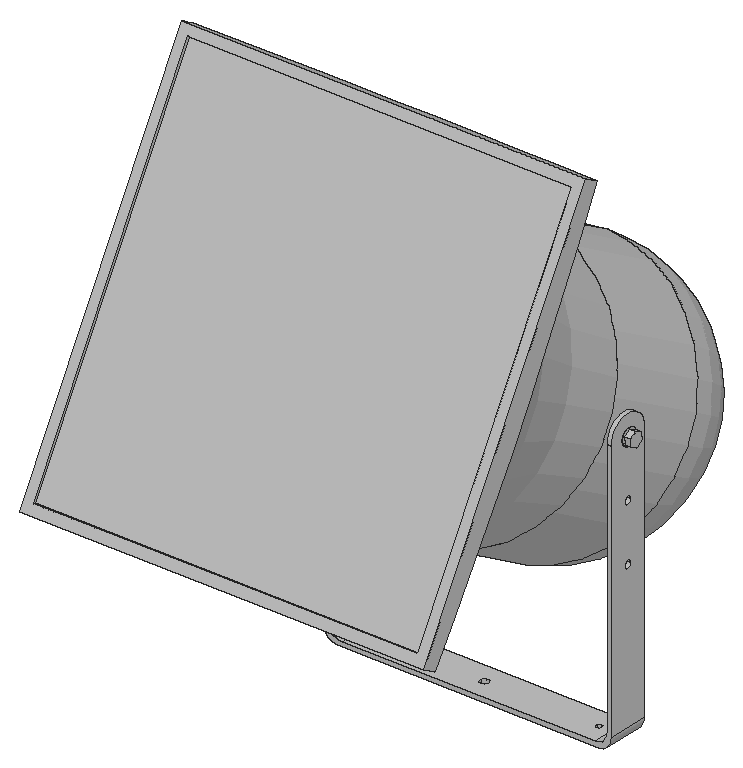
Revit family "Electronics_Community_Biamp_Two-Way-Horn-Loaded-Full-Range-Loudspeaker_R1-EN", category Communication Devices, host Face, Revit 2020
Family settings
  Host = Face
  Maintain Annotation Orientation = No
  Round Connector Dimension = Use Diameter
  Part Type = Normal
  OmniClass Number = 23.85.10.11.14.14.14
  OmniClass Title = Loudspeakers
  Cut with Voids When Loaded = No
  Shared = No
  Room Calculation Point = No
Parameters (values of type "R1-64Z-EN")
  Yoke Material = Biamp - Metal - Gray
  Width = 24.76378"  # constant formula
  Weight = 55.5565 lbf  # constant formula
  Version = 1
  URL = "https://www.biamp.com/"
  Supplied Accessories = "Weather-resistant mounting yoke, light grey"  # constant formula
  Shipping Weight = 75.00 lbf  # constant formula
  Rotate angle [instance] = 30.00°
  Required Accessories = "90 Hz high pass filter*, Equalization curve as specified on this spec sheet"
  Rated Noise Power = "100W continuous, 24.5 volts RMS (EN54-24 100 hr. test,6dB crest factor) "  # constant formula
  Product data url = "https://bimobject.com/biamp/product/r1-en_community-en54-24"
  Product Page URL = "https://www.biamp.com/products/product-families/community/en54-24#r1-en"
  Product Documentation Link = "https://downloads.biamp.com/assets/docs/default-source/data-sheets/biamp_data_sheet_community_r1-64z-en.pdf"
  Position Note [instance] = "Please, set the value from 1 to 3 to choose the installation position on the yoke"  # constant formula
  Position [instance] = 3
  Optional Accessories = "No optional accessories are available with products intended for EN54-24 installations"  # constant formula
  Operating Range = "100 Hz to 10 kHz"  # constant formula
  Offset [instance] = if(Nom Position = 1, 9.75391", if(Nom Position = 2, 13.25391", if(Nom Position = 3, 16.75391", 0.00")))  # 16.75391"
  Nominal Impedance = "6 ohms (to satisfy EN54-24 criteria)"  # constant formula
  Nom angle [instance] = if(and(Position = 1, or(Rotate angle < 0.00°, Rotate angle = 0.00°)), 0.00°, if(and(Position = 1, and(Rotate angle > 11.00°, Rotate angle < 169.00°)), 11.00°, if(and(Position = 1, or(Rotate angle > 169.00°, Rotate angle = 169.00°)), 169.00°, if(and(Position = 2, Rotate angle < 0.00°), 0.00°, if(and(Position = 2, and(Rotate angle > 0.00°, Rotate angle < 45.00°)), Rotate angle, if(and(Position = 2, and(Rotate angle > 45.00°, Rotate angle < 135.00°)), 45.00°, if(and(Position = 2, and(Rotate angle > 135.00°, Rotate angle < 180.00°)), Rotate angle, if(and(Position = 2, Rotate angle > 180.00°), 180.00°, if(and(Position = 3, Rotate angle < -20.00°), -20.00°, if(and(Position = 3, Rotate angle > 200.00°), 200.00°, Rotate angle))))))))))  # 30.00°
  Nom Position [instance] = if(Position < 1, 1, if(and(Position > 1, Position < 3), Position, if(Position = 3, 3, if(Position > 3, 3, 1))))  # 3
  Mounting/Rigging Provisions = "(5) 1/2-13 rigging points"  # constant formula
  Model = "R1-64Z-EN"
  Minimum Impedance = "5.0 ohms @ 220 Hz"
  Maximum Peak Output (1m) = "126.3 dB (EN54-24 frequency response requirements,100 hr. rated noise power applied, EN54-24 Broadband Sensitivity, 6dB crest factor momentary peak)"
  Maximum Average Output (4m) = "108.3 dB (EN54-24 frequency response requirements,100 hr. rated noise power applied, EN54-24 Broadband Sensitivity)"
  Maximum Average Output (1m) = "120.3 dB (EN54-24 frequency response requirements,100 hr. rated noise power applied, EN54-24 Broadband Sensitivity)"
  Max value position = 3  # constant formula
  Manufacturer = "Biamp"  # constant formula
  Loudspeaker Type = "2-way horn loaded coaxial, weather-resistant"  # constant formula
  Input Connection = "12 foot (4 m) SJOW #16 gauge"  # constant formula
  Housing Material = Biamp - Plastic - Gray
  Height = 24.76378"  # constant formula
  Grille = "3-layer WeatherStop™, light grey (Zinc-rich epoxy dual-layer powder coated perforated steel grille, foam, woven poly mesh)"  # constant formula
  Grill Material = Biamp - Plastic - Gray(Grid)
  Environmental Performance = "IEC529 IP55W rating with a minimum 5-degree downward aiming angle"  # constant formula
  Enclosure = "Hand-laminated fiberglass, light grey gelcoat"  # constant formula
  Drivers = "LF 1 x 12” weather-treated, Ferrofluid-cooled HF 1 x 1” exit, titanium diaphragm"  # constant formula
  Driver Protection = "DYNA-TECH protection circuitry"  # constant formula
  Description = "R1-64Z-EN Two-Way, Horn-Loaded, Type B, Full-Range Loudspeaker (60° X 40° Coverage) "  # constant formula
  Depth = 29.76378"  # constant formula
  Default Elevation = 48.00"
  Date Updated = ""
  Date Created = "2023/08/21"
  Crossover Frequency = "1.2 kHz"  # constant formula
  Connector Description = "Terminal strip; 200W continuous, 800W program 40 volts RMS, 89 volts momentary peak"  # constant formula
  Broadband Sensitivity (1W/4m) = "88.3 dB SPL (100Hz to 10 kHz 1/3 octave bands,EN54-24 frequency response requirements applied,EN54-24 impedance)"
  Broadband Sensitivity (1W/1m) = "100.3 dB SPL (100Hz to 10 kHz 1/3 octave bands,EN54-24 frequency response requirements applied,EN54-24 impedance) "
Types (3): name | Required Accessories | Model | Minimum Impedance | Maximum Peak Output (1m) | Maximum Average Output (4m) | Maximum Average Output (1m) | Broadband Sensitivity (1W/4m) | Broadband Sensitivity (1W/1m)
  R1-64Z-EN | "90 Hz high pass filter*, Equalization curve as specified on this spec sheet" | "R1-64Z-EN" | "5.0 ohms @ 220 Hz" | "126.3 dB (EN54-24 frequency response requirements,100 hr. rated noise power applied, EN54-24 Broadband Sensitivity, 6dB crest factor momentary peak)" | "108.3 dB (EN54-24 frequency response requirements,100 hr. rated noise power applied, EN54-24 Broadband Sensitivity)" | "120.3 dB (EN54-24 frequency response requirements,100 hr. rated noise power applied, EN54-24 Broadband Sensitivity)" | "88.3 dB SPL (100Hz to 10 kHz 1/3 octave bands,EN54-24 frequency response requirements applied,EN54-24 impedance)" | "100.3 dB SPL (100Hz to 10 kHz 1/3 octave bands,EN54-24 frequency response requirements applied,EN54-24 impedance) "
  R1-66Z-EN | "90 Hz high pass filter" | "R1-66Z-EN" | "5.3 ohms @ 240 Hz" | "126.1 dB (EN54-24 frequency response requirements,100 hr. rated noise power applied, EN54-24 Broadband Sensitivity, 6dB crest factor momentary peak)" | "108 dB (EN54-24 frequency response requirements,100 hr. rated noise power applied, EN54-24 Broadband Sensitivity)" | "120.1 dB (EN54-24 frequency response requirements,100 hr. rated noise power applied, EN54-24 Broadband Sensitivity)" | "88.1 dB SPL (100Hz to 10 kHz 1/3 octave bands,EN54-24 frequency response requirements applied,EN54-24 impedance)" | "100.1 dB SPL (100Hz to 10 kHz 1/3 octave bands,EN54-24 frequency response requirements applied,EN54-24 impedance)"
  R1-94Z-EN | "90 Hz high pass filter*, Equalization curve as specified on this spec sheet" | "R1-94Z-EN" | "5.2 ohms @ 240 Hz" | "126.0 dB (EN54-24 frequency response requirements,100 hr. rated noise power applied, EN54-24 Broadband Sensitivity, 6dB crest factor momentary peak)" | "107.9 dB (EN54-24 frequency response requirements,100 hr. rated noise power applied, EN54-24 Broadband Sensitivity)" | "120.0 dB (EN54-24 frequency response requirements,100 hr. rated noise power applied, EN54-24 Broadband Sensitivity)" | "87.9 dB SPL (100Hz to 10 kHz 1/3 octave bands,EN54-24 frequency response requirements applied,EN54-24 impedance)" | "100.0 dB SPL (100Hz to 10 kHz 1/3 octave bands,EN54-24 frequency response requirements applied,EN54-24 impedance)"
Reference planes (in)
  plane 1 "Center (Front/Back)": y = 0
  plane 2: z = 0
  plane 3 "Center (Left/Right)": x = 0
  plane 4: z = 16.75391
Forms (in)
  Sweep 1, solid, material "Biamp - Metal - Gray" <- "Yoke Material", detail levels coarse
    path origin (0, 0, 0) x (1, 0, 0) y (0, 1, 0)
      loop
        line (0, -1.25) -> (0, 1.25)
    profile origin (0, 0, 0) x (-1, 0, 0) y (0, 0, 1)
      loop
        line (8.75, 0) -> (8.75, 18) -> (8.49803, 18) -> (8.49803, 0.25197) -> (-8.49803, 0.25197) -> (-8.49803, 18) -> (-8.75, 18) -> (-8.75, 0) -> (8.75, 0)
  Sweep 2, solid, material "Biamp - Metal - Gray" <- "Yoke Material", detail levels medium+fine
    path origin (0, 0, 0) x (1, 0, 0) y (0, 1, 0)
      loop
        line (0, -1.25) -> (0, 1.25)
    profile origin (0, 0, 0) x (-1, 0, 0) y (0, 0, 1)
      loop
        arc (7.9626, 0) -> (8.51938, 0.23062) -> (8.75, 0.7874) r 0.7874
        line (8.75, 0.7874) -> (8.75, 18) -> (8.49803, 18) -> (8.49803, 1.03937)
        arc (8.49803, 1.03937) -> (8.26741, 0.48259) -> (7.71063, 0.25197) r 0.7874
        line (7.71063, 0.25197) -> (-7.71063, 0.25197)
        arc (-7.71063, 0.25197) -> (-8.26741, 0.48259) -> (-8.49803, 1.03937) r 0.7874
        line (-8.49803, 1.03937) -> (-8.49803, 18) -> (-8.75, 18) -> (-8.75, 0.7874)
        arc (-8.75, 0.7874) -> (-8.51938, 0.23062) -> (-7.9626, 0) r 0.7874
        line (-7.9626, 0) -> (7.9626, 0)
  Extrusion 3, void
    sketch origin (0, 0, 0) x (1, 0, 0) y (0, 1, 0)
      loop
        circle (0, 0) r 0.25591
      loop
        circle (-7, 0) r 0.17717
      loop
        circle (7, 0) r 0.17717
    from 0 to 0.25197
  Sweep 4, void
    path origin (0, 0, 0) x (1, 0, 0) y (0, 1, 0)
      loop
        line (-8.75, 0) -> (8.75, 0)
    profile origin (0, 0, 0) x (0, 1, 0) y (0, 0, 1)
      loop
        circle (0, 16.75) r 0.25591
      loop
        circle (0, 13.25) r 0.25591
      loop
        circle (0, 9.75) r 0.25591
  Sweep 5, void
    path origin (0, 0, 0) x (1, 0, 0) y (0, 1, 0)
      loop
        line (-8.75, 0) -> (8.75, 0)
    profile origin (0, 0, 0) x (0, 1, 0) y (0, 0, 1)
      loop
        line (1.25, 18.24606) -> (-1.25, 18.24606) -> (-1.25, 16.75)
        arc (-1.25, 16.75) -> (0, 18) -> (1.25, 16.75) r 1.25
        line (1.25, 16.75) -> (1.25, 18.24606)
  Revolve 6, solid, material "Biamp - Metal - Gray" <- "Yoke Material"
    sketch origin (0, 0, 0) x (1, 0, 0) y (0, 0, 1)
      loop
        line (-8.25555, 16.96883) -> (-8.75, 16.96883) -> (-8.75, 17.2555) -> (-8.8461, 17.2555) -> (-8.8461, 16.75391) -> (-8.25555, 16.75391) -> (-8.25555, 16.96883)
      loop
        line (8.25555, 16.96883) -> (8.25555, 16.75391) -> (8.8461, 16.75391) -> (8.8461, 17.2555) -> (8.75, 17.2555) -> (8.75, 16.96883) -> (8.25555, 16.96883)
      axis (-8.8461, 16.75391) -> (8.8461, 16.75391)
    angle from 0 to 360
  Sweep 7, solid, material "Biamp - Metal - Gray" <- "Yoke Material", detail levels medium+fine
    path origin (0, 0, 0) x (1, 0, 0) y (0, 0, 1)
      loop
        line (-8.8461, 16.75391) -> (-9.23981, 16.75391)
    profile origin (-9.04296, 0, 16.75391) x (0, 0, -1) y (0, -1, 0)
      loop
        line (-0.45288, 0.03962) -> (-0.26075, -0.37239) -> (0.19213, -0.41201) -> (0.45288, -0.03962) -> (0.26075, 0.37239) -> (-0.19213, 0.41201) -> (-0.45288, 0.03962)
  Sweep 8, solid, material "Biamp - Metal - Gray" <- "Yoke Material", detail levels medium+fine
    path origin (0, 0, 0) x (-1, 0, 0) y (0, 0, 1)
      loop
        line (-8.8461, 16.75391) -> (-9.23981, 16.75391)
    profile origin (9.04296, 0, 16.75391) x (0, 0, 1) y (0, -1, 0)
      loop
        line (0.45288, 0.03962) -> (0.19213, 0.41201) -> (-0.26075, 0.37239) -> (-0.45288, -0.03962) -> (-0.19213, -0.41201) -> (0.26075, -0.37239) -> (0.45288, 0.03962)
Cuts and joins
  Extrusion 3, Sweep 4 cuts Sweep 1
  Extrusion 3, Sweep 4, Sweep 5 cuts Sweep 2
Lines and regions (in)
  Masking region 1
    outline origin (0, 0, 0) x (1, 0, 0) y (0, 1, 0)
      loop
        line (-8.75, 1.25) -> (-8.75, -1.25) -> (8.75, -1.25) -> (8.75, 1.25) -> (-8.75, 1.25)
  reference lines
    curve 1: line (0, 0, 16.75391) -> (0, -4.43241, 19.31296)
  symbolic lines
    curve 2: line (0, 0, 16.75391) -> (0, -14.88189, 16.75391)
Dimensions and locks (in)
  "Offset": plane 4 to plane 2
  "Nom angle": angle plane 4 to curve 1
  aligned and locked: plane 2 to host face
  aligned and locked: level to host face
  aligned and locked: plane 4 to curve 1
  aligned and locked: plane 1 "Center (Front/Back)" to curve 1
  aligned and locked: plane 4 to Sweep 7 sketch curve
  aligned and locked: Sweep 8 sketch curve to plane 4
Automatic sketch dimensions
  host sketch curve to host sketch curve = 96.00"  (x2)
  Sweep 1 sketch curve to plane 3 "Center (Left/Right)" = 0.00"
  plane 1 "Center (Front/Back)" to Sweep 1 sketch curve = 1.25"
  Sweep 1 sketch curve to plane 1 "Center (Front/Back)" = 1.25"
  Sweep 1 sketch curve to level = 0.00"
  profile plane to Sweep 1 sketch curve = 8.75"
  Sweep 1 sketch curve to Sweep 1 sketch curve = 0.25197"  (x2)
  level to Sweep 1 sketch curve = 0.25197"
  Sweep 1 sketch curve to profile plane = 8.49803"
  Sweep 1 sketch curve to Sweep 1 sketch curve = 17.74803"
  Sweep 1 sketch curve to Sweep 1 sketch curve = 0.00"
  Sweep 2 sketch curve to plane 3 "Center (Left/Right)" = 0.00"
  plane 1 "Center (Front/Back)" to Sweep 2 sketch curve = 1.25"
  Sweep 2 sketch curve to plane 1 "Center (Front/Back)" = 1.25"
  Sweep 2 sketch curve to level = 0.00"
  profile plane to Sweep 2 sketch curve = 8.75"
  Sweep 2 sketch curve to Sweep 2 sketch curve = 0.25197"  (x4)
  Sweep 2 sketch curve to Sweep 2 sketch curve = 0.7874"
  level to Sweep 2 sketch curve = 0.25197"
  Sweep 2 sketch curve to profile plane = 7.71063"
  Sweep 2 sketch curve to Sweep 2 sketch curve = 0.53543"
  Sweep 2 sketch curve to Sweep 2 sketch curve = 16.96063"  (x2)
  plane 1 "Center (Front/Back)" to Extrusion 3 sketch curve = 0.00"  (x3)
  Extrusion 3 sketch curve to plane 3 "Center (Left/Right)" = 0.00"
  Extrusion 3 sketch curve to plane 3 "Center (Left/Right)" = 7.00"
  Extrusion 3 sketch curve to Extrusion 3 sketch curve = 7.00"
  plane 1 "Center (Front/Back)" to Sweep 4 sketch curve = 0.00"
  Sweep 4 sketch curve to plane 3 "Center (Left/Right)" = 8.75"
  plane 3 "Center (Left/Right)" to Sweep 4 sketch curve = 8.75"
  Sweep 4 sketch curve to profile plane = 0.00"  (x3)
  level to Sweep 4 sketch curve = 9.75"
  Sweep 4 sketch curve to Sweep 4 sketch curve = 3.50"  (x2)
  plane 1 "Center (Front/Back)" to Sweep 5 sketch curve = 0.00"
  Sweep 5 sketch curve to plane 3 "Center (Left/Right)" = 8.75"
  plane 3 "Center (Left/Right)" to Sweep 5 sketch curve = 8.75"
  Sweep 5 sketch curve to profile plane = 0.00"
  profile plane to Sweep 5 sketch curve = 1.25"
  Sweep 5 sketch curve to profile plane = 1.25"
  level to Sweep 5 sketch curve = 16.75"
  Sweep 5 sketch curve to Sweep 5 sketch curve = 1.49606"
  Sweep 5 sketch curve to Sweep 5 sketch curve = 0.00"
  Revolve 6 sketch curve to plane 4 = 0.00"  (x3)
  Revolve 6 sketch curve to plane 3 "Center (Left/Right)" = 8.8461"
  Revolve 6 sketch curve to Revolve 6 sketch curve = 0.0961"  (x2)
  plane 4 to Revolve 6 sketch curve = 0.21492"  (x2)
  Revolve 6 sketch curve to Revolve 6 sketch curve = 0.49445"  (x2)
  plane 3 "Center (Left/Right)" to Revolve 6 sketch curve = 8.25555"
  Revolve 6 sketch curve to Revolve 6 sketch curve = 0.28667"  (x2)
  Revolve 6 sketch curve to Revolve 6 sketch curve = 0.6913"
  Revolve 6 sketch curve to Revolve 6 sketch curve = 0.90783"
  Sweep 7 sketch curve to plane 3 "Center (Left/Right)" = 9.23981"
  Sweep 7 sketch curve to Sweep 7 sketch curve = 0.3937"
  plane 1 "Center (Front/Back)" to Sweep 7 sketch curve = 0.03962"
  profile plane to Sweep 7 sketch curve = 0.45288"
  profile plane to Sweep 7 sketch curve = 0.26075"
  profile plane to Sweep 7 sketch curve = 0.19213"
  Sweep 7 sketch curve to profile plane = 0.19213"
  Sweep 7 sketch curve to profile plane = 0.26075"
  Sweep 7 sketch curve to plane 1 "Center (Front/Back)" = 0.03962"
  Sweep 7 sketch curve to profile plane = 0.45288"
  Sweep 7 sketch curve to plane 1 "Center (Front/Back)" = 0.37239"
  Sweep 7 sketch curve to plane 1 "Center (Front/Back)" = 0.41201"
  plane 1 "Center (Front/Back)" to Sweep 7 sketch curve = 0.37239"
  plane 1 "Center (Front/Back)" to Sweep 7 sketch curve = 0.41201"
  Sweep 8 sketch curve to plane 3 "Center (Left/Right)" = 9.23981"
  Sweep 8 sketch curve to Sweep 8 sketch curve = 0.3937"
  Sweep 8 sketch curve to plane 1 "Center (Front/Back)" = 0.03962"
  profile plane to Sweep 8 sketch curve = 0.45288"
  profile plane to Sweep 8 sketch curve = 0.26075"
  profile plane to Sweep 8 sketch curve = 0.19213"
  Sweep 8 sketch curve to profile plane = 0.19213"
  Sweep 8 sketch curve to profile plane = 0.26075"
  plane 1 "Center (Front/Back)" to Sweep 8 sketch curve = 0.03962"
  Sweep 8 sketch curve to profile plane = 0.45288"
  Sweep 8 sketch curve to plane 1 "Center (Front/Back)" = 0.37239"
  Sweep 8 sketch curve to plane 1 "Center (Front/Back)" = 0.41201"
  plane 1 "Center (Front/Back)" to Sweep 8 sketch curve = 0.37239"
  plane 1 "Center (Front/Back)" to Sweep 8 sketch curve = 0.41201"
  plane 1 "Center (Front/Back)" to Masking region 1 sketch curve = 1.25"
  Masking region 1 sketch curve to plane 3 "Center (Left/Right)" = 8.75"
  plane 3 "Center (Left/Right)" to Masking region 1 sketch curve = 8.75"
  Masking region 1 sketch curve to plane 1 "Center (Front/Back)" = 1.25"
  curve 2 to plane 4 = 0.00"
  curve 2 to plane 1 "Center (Front/Back)" = 0.00"
  plane 1 "Center (Front/Back)" to curve 2 = 14.88189"
  radius of Extrusion 3 sketch curve = 0.25591"
  radius of Extrusion 3 sketch curve = 0.17717"  (x2)
  radius of Sweep 4 sketch curve = 0.25591"  (x3)
Nested families (in)
  nested 1: "R1" at (0, -7.16611, 6.60184) x (1, 0, 0) z (0, 0.5, 0.866), Grill <- "Grill Material", Host <- "Housing Material", type "R1"
    with Host Biamp - Plastic - Gray, Grill Biamp - Plastic - Gray(Grid)
Connectors (in)
  electrical at (0, 8.74225, 7.62437), driven by "Connector Description"
    settings: on nested 1, index 1, voltage 0 V, apparent load 0 VA, apparent load phase1 0 VA, apparent load phase2 0 VA, apparent load phase3 0 VA, power factor 1, load classification "Other", number of poles 1, system type 5, power factor state 1, is connector primary yes, connector utility no, sub classification motor no, connector description "Terminal strip; 200W continuous, 800W program 40 volts RMS, 89 volts momentary peak"
Definition of nested family "R1"
  Parameters (values of type "R1")
    Host [instance] = none
    Grill [instance] = none
    Default Elevation = 48.00"
  Reference planes (in)
    plane 1 "Center (Front/Back)": y = 0
    plane 2: z = 0
    plane 3 "Center (Left/Right)": x = 0
  Forms (in)
    Extrusion 1, solid, material <- "Host", detail levels coarse
      sketch origin (0, 0, 0) x (1, 0, 0) y (0, 0, 1)
        loop
          line (-12.31594, 24.75) -> (-12.31594, 0) -> (12.31594, 0) -> (12.31594, 24.75) -> (-12.31594, 24.75)
      from -14.88189 to 14.88189
    Revolve 2, void
      sketch origin (0, 0, 0) x (0, 1, 0) y (0, 0, 1)
        loop
          line (0, 20.64272) -> (7.08661, 20.64272)
          arc (7.08661, 20.64272) -> (12.72011, 18.18116) -> (14.74103, 12.375) r 7.67717
          line (14.74103, 12.375) -> (16.53543, 12.375) -> (16.53543, 30.48524) -> (-13.97638, 30.48524) -> (-13.4636, 24.62411)
          arc (-13.4636, 24.62411) -> (-7.01997, 21.65892) -> (0, 20.64272) r 24.75515
        axis (16.53543, 12.375) -> (-13.97638, 12.375)
      angle from 0 to 360
    Extrusion 3, solid, material <- "Host", detail levels medium+fine
      sketch origin (0, 0, 0) x (1, 0, 0) y (0, 0, 1)
        loop
          line (-12.31594, 24.75) -> (-12.31594, 0) -> (12.31594, 0) -> (12.31594, 24.75) -> (-12.31594, 24.75)
      from -14.88189 to 14.88189
    Extrusion 4, void
      sketch origin (0, -14.88189, 0) x (1, 0, 0) y (0, 0, 1)
        loop
          line (-11.72539, 0.59055) -> (11.72514, 0.59055) -> (11.72514, 24.15945) -> (-11.72539, 24.15945) -> (-11.72539, 0.59055)
      from -0.53836 to 0.75412
    Extrusion 5, solid, material <- "Grill"
      sketch origin (0, -14.88189, 0) x (1, 0, 0) y (0, 0, 1)
        loop
          line (-11.68602, 24.12008) -> (-11.68602, 0.62992) -> (11.68577, 0.62992) -> (11.68577, 24.12008) -> (-11.68602, 24.12008)
      from -0.53836 to -0.09237
    Extrusion 6, void
      sketch origin (-2.86713, 0, 0) x (1, 0, 0) y (0, 1, 0)
        loop
          circle (2.86713, 13.26578) r 0.59055
      from 0 to 8.83972
  Cuts and joins
    Revolve 2, Extrusion 6 cuts Extrusion 1
    Revolve 2, Extrusion 4, Extrusion 6 cuts Extrusion 3
  Lines and regions (in)
    Masking region 1
      outline origin (0, 0, 0) x (1, 0, 0) y (0, 0, 1)
        loop
          line (-12.31594, 24.75) -> (-12.31594, 0) -> (12.31594, 0) -> (12.31594, 24.75) -> (-12.31594, 24.75)
    Masking region 2
      outline origin (0, 0, 0) x (1, 0, 0) y (0, 1, 0)
        loop
          line (-12.31594, -14.88189) -> (12.31594, -14.88189) -> (12.31594, -13.47609)
          arc (12.31594, -13.47609) -> (9.06682, -7.05808) -> (7.67717, 0) r 26.31404
          line (7.67717, 0) -> (7.67717, 7.08661)
          arc (7.67717, 7.08661) -> (0, 14.76378) -> (-7.67717, 7.08661) r 7.67717
          line (-7.67717, 7.08661) -> (-7.67717, 0)
          arc (-7.67717, 0) -> (-9.06682, -7.05808) -> (-12.31594, -13.47609) r 26.31404
          line (-12.31594, -13.47609) -> (-12.31594, -14.88189)
  Dimensions and locks (in)
    aligned and locked: level to plane 2
